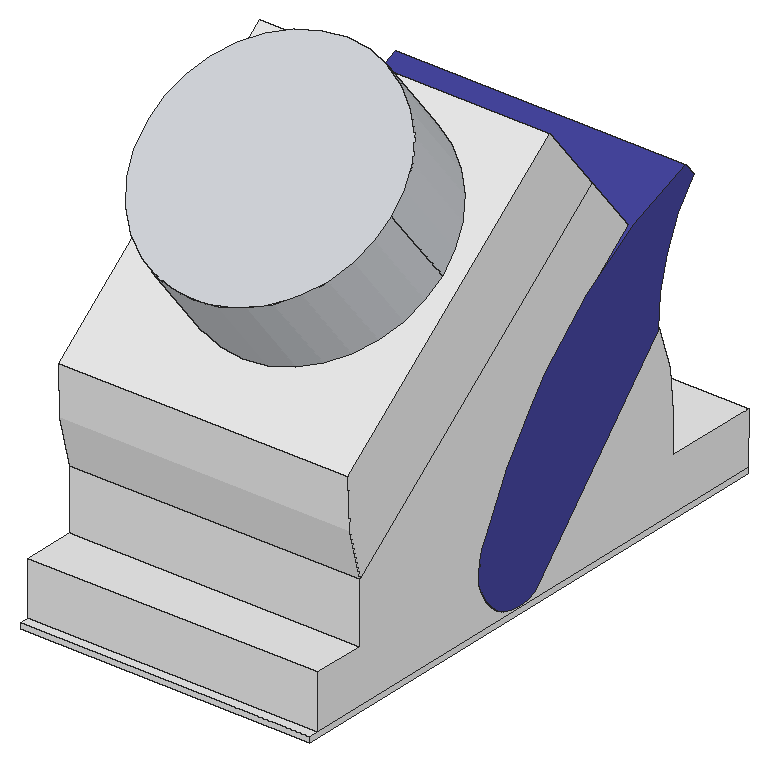
Revit family "Building-ConnessioniIEC309-GEWISS-COMBIBLOC-PRESE-INTERBLOCCATE_IP55_SENZA_FONDO", category Apparecchi elettrici, host Superficie, Revit 2019
Family settings
  Host = Superficie
  Mantenere orientamento annotazione = Sì
  Quota connettore circolare = Usa diametro
  Tipo di parte = Normale
  Taglio con vuoti quando caricato = No
  Condiviso = No
  Punto di calcolo locali = Sì
Parameters (values of type "GW66486 - COMBIBLOC S.F.IP55 3P+N+T 32A 400V 6H")
  visibilita posizionamento 2d [instance] = yes
  simbolo acceso [instance] = yes
  oggetto in pianta [instance] = not(visibilita posizionamento 2d)  # no
  distanza_simbolo [instance] = 1 mm
  distanza dal piano [instance] = 10 mm
  W = 115 mm  # constant formula
  Voltaggio = 0 V
  Versione file RFA = "21.4"
  VETRO = Vetro
  URL = "https://www.gewiss.com/it/it"
  Tipologia = "Compatta"
  Termopressione con biglia = "125 °C"
  Tensione nominale = "380-415V"
  Temperatura di utilizzo = "-25 +40 °C"
  Spostamento_effettivo_S [instance] = 4000 mm - Spostamento_S  # 2500 mm
  Spostamento_S = 1500 mm
  Simbolo circuito [instance] = not(simbolo acceso)  # no
  Scheda Tecnica = "https://www.gewiss.com/it/it/search?q=GW66486"
  STRUTTURA ALTA = blue
  STRUTTURA = RAL - 7035
  SEO = "Presa interbloccata"
  Riferimento h = "6"
  Resistenza agli urti = "IK08"
  Protezione = "NO (SBF)"
  Default Elevation = 1219.2 mm
  Produttore = "GEWISS S.p.A."
  PRESA = Giallo
  POMELLO = bianco
  N.poli = 1
  N. poli = "3P+N+T"
  Modello = "GW66486"
  L = 155 mm  # constant formula
  Immagine tipo = COMBIBLOC55.jpg
  IDT = "73411960965b40fc900c2c175d51bdd6"
  IDF = "d30aeb64-b42c-4c03-8e60-3032abfc95de"
  Grado di protezione = "IP55"
  Glow wire test: = "850 °C (Parti attive) - 650 °C (Parti passive)"
  Frequenza = "50/60 Hz"
  FORMULA = 1000 mm * 1  # 1000 mm
  Descrizione = "COMBIBLOC S.F.IP55 3P+N+T 32A 400V 6H"
  Creato da GEWISS S.p.A. = ""
  Corrente nominale (A) = "32"
  Con fondo = "No"
  Colore: = "Rosso"
  Codice Electrocod = "2221"
  Catalogo = "BUILDING"
  COBie.Tagnumber = ""
  COBie.CreatedOn = ""
  COBie.CreatebBy = ""
  COBie.ComponentRegisterItemID = ""
  COBie.Component.TagNumber = ""
  COBie.Component.Space = ""
  COBie.Component.SerialNumber = ""
  COBie.Component.InstallationDate = ""
  COBie.Component.Description = ""
  COBie.Component.BarCode = ""
  BLOCCO = "B=C"
Types (18, lengths in mm): name | Tensione nominale | Scheda Tecnica | Riferimento h | N. poli | Modello | IDT | Descrizione | Corrente nominale (A) | Colore:
  GW66467 - COMBIBLOC S.F.IP55 2P+T 16A 110V 4H | "100-130V" | "https://www.gewiss.com/it/it/search?q=GW66467" | "4" | "2P+T" | "GW66467" | "91d181816ab74a7887c30577c38b9179" | "COMBIBLOC S.F.IP55 2P+T 16A 110V 4H" | "16" | "Giallo"
  GW66468 - COMBIBLOC S.F.IP55 3P+T 16A 110V 4H | "100-130V" | "https://www.gewiss.com/it/it/search?q=GW66468" | "4" | "3P+T" | "GW66468" | "7b8739076f6d4efb86249ccf2c04780c" | "COMBIBLOC S.F.IP55 3P+T 16A 110V 4H" | "16" | "Giallo"
  GW66469 - COMBIBLOC S.F.IP55 3P+N+T 16A 110V 4H | "100-130V" | "https://www.gewiss.com/it/it/search?q=GW66469" | "4" | "3P+N+T" | "GW66469" | "c21ebcd08dab43c693dbd460db3ea952" | "COMBIBLOC S.F.IP55 3P+N+T 16A 110V 4H" | "16" | "Giallo"
  GW66470 - COMBIBLOC S.F.IP55 2P+T 16A 230V 6H | "200-250V" | "https://www.gewiss.com/it/it/search?q=GW66470" | "6" | "2P+T" | "GW66470" | "24fdb39783c94ad28d8f7dc168f53ffc" | "COMBIBLOC S.F.IP55 2P+T 16A 230V 6H" | "16" | "Blu"
  GW66471 - COMBIBLOC S.F.IP55 3P+T 16A 230V 9H | "200-250V" | "https://www.gewiss.com/it/it/search?q=GW66471" | "9" | "3P+T" | "GW66471" | "9e3ce111bba44df48fc1a78e4a42b186" | "COMBIBLOC S.F.IP55 3P+T 16A 230V 9H" | "16" | "Blu"
  GW66472 - COMBIBLOC S.F.IP55 3P+N+T 16A 230V 9H | "200-250V" | "https://www.gewiss.com/it/it/search?q=GW66472" | "9" | "3P+N+T" | "GW66472" | "db3861c8fb374675a45483f3a3b2b8e7" | "COMBIBLOC S.F.IP55 3P+N+T 16A 230V 9H" | "16" | "Blu"
  GW66473 - COMBIBLOC S.F.IP55 2P+T 16A 400V 9H | "380-415V" | "https://www.gewiss.com/it/it/search?q=GW66473" | "9" | "2P+T" | "GW66473" | "fc58df1474dd4803afbe169fc18a8b52" | "COMBIBLOC S.F.IP55 2P+T 16A 400V 9H" | "16" | "Rosso"
  GW66474 - COMBIBLOC S.F.IP55 3P+T 16A 400V 6H | "380-415V" | "https://www.gewiss.com/it/it/search?q=GW66474" | "6" | "3P+T" | "GW66474" | "d0d2e857ea3f4ca7b477182d116963b9" | "COMBIBLOC S.F.IP55 3P+T 16A 400V 6H" | "16" | "Rosso"
  GW66475 - COMBIBLOC S.F.IP55 3P+N+T 16A 400V 6H | "380-415V" | "https://www.gewiss.com/it/it/search?q=GW66475" | "6" | "3P+N+T" | "GW66475" | "c54c5b25155d4b3e86ada7ff98b13ec5" | "COMBIBLOC S.F.IP55 3P+N+T 16A 400V 6H" | "16" | "Rosso"
  GW66478 - COMBIBLOC S.F.IP55 2P+T 32A 110V 4H | "100-130V" | "https://www.gewiss.com/it/it/search?q=GW66478" | "4" | "2P+T" | "GW66478" | "3db4aa6d410e47109e6fc00bb7aeba2d" | "COMBIBLOC S.F.IP55 2P+T 32A 110V 4H" | "32" | "Giallo"
  GW66479 - COMBIBLOC S.F.IP55 3P+T 32A 110V 4H | "100-130V" | "https://www.gewiss.com/it/it/search?q=GW66479" | "4" | "3P+T" | "GW66479" | "43600b10a11a47d392a8973657df9edd" | "COMBIBLOC S.F.IP55 3P+T 32A 110V 4H" | "32" | "Giallo"
  GW66480 - COMBIBLOC S.F.IP55 3P+N+T 32A 110V 4H | "100-130V" | "https://www.gewiss.com/it/it/search?q=GW66480" | "4" | "3P+N+T" | "GW66480" | "180c6cb086b84315874dbed80ba1a0c5" | "COMBIBLOC S.F.IP55 3P+N+T 32A 110V 4H" | "32" | "Giallo"
  GW66481 - COMBIBLOC S.F.IP55 2P+T 32A 230V 6H | "200-250V" | "https://www.gewiss.com/it/it/search?q=GW66481" | "6" | "2P+T" | "GW66481" | "eeb61ff4bc4749c3800b6f6e9cdd11e0" | "COMBIBLOC S.F.IP55 2P+T 32A 230V 6H" | "32" | "Blu"
  GW66482 - COMBIBLOC S.F.IP55 3P+T 32A 230V 9H | "200-250V" | "https://www.gewiss.com/it/it/search?q=GW66482" | "9" | "3P+T" | "GW66482" | "cd5111c25be0410a834c30ef687af296" | "COMBIBLOC S.F.IP55 3P+T 32A 230V 9H" | "32" | "Blu"
  GW66483 - COMBIBLOC S.F.IP55 3P+N+T 32A 230V 9H | "200-250V" | "https://www.gewiss.com/it/it/search?q=GW66483" | "9" | "3P+N+T" | "GW66483" | "094cdd96d87f43f5bd6c99907a28e8ff" | "COMBIBLOC S.F.IP55 3P+N+T 32A 230V 9H" | "32" | "Blu"
  GW66484 - COMBIBLOC S.F.IP55 2P+T 32A 400V 9H | "380-415V" | "https://www.gewiss.com/it/it/search?q=GW66484" | "9" | "2P+T" | "GW66484" | "0924d88606994c049fc97997cfff4f28" | "COMBIBLOC S.F.IP55 2P+T 32A 400V 9H" | "32" | "Rosso"
  GW66485 - COMBIBLOC S.F.IP55 3P+T 32A 400V 6H | "380-415V" | "https://www.gewiss.com/it/it/search?q=GW66485" | "6" | "3P+T" | "GW66485" | "02603141fa4a41e68fe0ad3598a3cd4f" | "COMBIBLOC S.F.IP55 3P+T 32A 400V 6H" | "32" | "Rosso"
  GW66486 - COMBIBLOC S.F.IP55 3P+N+T 32A 400V 6H | "380-415V" | "https://www.gewiss.com/it/it/search?q=GW66486" | "6" | "3P+N+T" | "GW66486" | "73411960965b40fc900c2c175d51bdd6" | "COMBIBLOC S.F.IP55 3P+N+T 32A 400V 6H" | "32" | "Rosso"
Reference planes
  plane 1 "Centro (Fronte/Retro)": y = 0
  plane 2: z = 0
  plane 3 "Centro (Sinistra/Destra)": x = 0
  plane 4: x = -3000
  plane 5: x = -500
  plane 6: z = 10
Lines and regions (mm)
  symbolic lines, visible <- "visibilita posizionamento 2d"
    curve 1: line (0, 0, 10) -> (0, 0, 115)
    curve 2: line (0, 0, 115) -> (71, 0, 115)
    curve 3: line (71, 0, 115) -> (71, 0, 10)
    curve 4: line (0, 0, 10) -> (71, 0, 10)
  symbolic lines, visible <- "visibilita posizionamento 2d", not visible
    curve 5: line (0, 0, 0) -> (0, 0, 105)
    curve 6: line (0, 0, 105) -> (71, 0, 105)
    curve 7: line (71, 0, 105) -> (71, 0, 0)
    curve 8: line (0, 0, 0) -> (71, 0, 0)
Dimensions and locks
  plane 4 to plane 3 "Centro (Sinistra/Destra)" = 3000 mm
  "Spostamento_effettivo_S": plane 4 to plane 5
  "distanza dal piano": plane 6 to plane 2
  aligned and locked: plane 2 to host face
  aligned and locked: level to host face
  aligned and locked: nested 1 to plane 5
  aligned and locked: curve 4 to plane 6
  aligned and locked: plane 5 to nested 2
  aligned and locked: plane 3 "Centro (Sinistra/Destra)" to nested 3
  aligned and locked: plane 1 "Centro (Fronte/Retro)" to nested 3
  aligned and locked: nested 3 to plane 3 "Centro (Sinistra/Destra)"
Automatic sketch dimensions
  host sketch curve to host sketch curve = 2438.4 mm  (x2)
  curve 1 to curve 3 = 71 mm
  curve 3 to curve 3 = 105 mm
  curve 5 to curve 7 = 71 mm
  curve 7 to curve 7 = 105 mm
Nested families
  nested 1: "PRESAINDPFUS" at (-500, 247.795, 0), SIMBOLO ACCESO <- "simbolo acceso", Distanza dal muro <- "distanza_simbolo", visible <- "simbolo acceso", type "3P"
    with SIMBOLO ACCESO yes, Distanza dal muro 1 mm, BORDO ACCESO yes
  nested 2: "simbolo_circuitoGW66201N" at (-499.076, 249.682, 0), Distanza dal muro <- "distanza_simbolo", visible <- "Simbolo circuito", type "3P"
    with SIMBOLO ACCESO yes, Distanza dal muro 1 mm, BORDO ACCESO yes
  nested 3: "BASE_IB PRESE INTERBLOC COMPATTE NO FONDO IP55" at (0, 69.265, 0), type "BASE_IB PRESE INTERBLOC COMPATTE NO FONDO IP55"
Connectors
  electrical at (35.5, 64.801, 1.375), driven by "N.poli", driven by "Voltaggio"
    settings: on nested 3, index 1, voltage 0 V, apparent load 0 VA, apparent load phase1 0 VA, apparent load phase2 0 VA, apparent load phase3 0 VA, power factor 1, load classification "Altro", number of poles 1, system type 31, power factor state 1, is connector primary yes, connector utility no, sub classification motor no, connector description ""
Definition of nested family "BASE_IB PRESE INTERBLOC COMPATTE NO FONDO IP55"
  Parameters (values of type "BASE_IB PRESE INTERBLOC COMPATTE NO FONDO IP55")
    POTENZA IN WOLT = 0 V
    N_POLI = 1
    CENTRALE = none
  Reference planes
    plane 1 "Centro (Fronte/Retro)": y = 0
    plane 2: z = 0
    plane 3 "Centro (Sinistra/Destra)": x = 0
    plane 4 "EEE": through (4267.2, -291.041, 143.375) normal (0, -0.788, -0.6157)
    plane 5: x = 71
    plane 6: x = 51
    plane 7: x = 48
  Forms (mm)
    Extrusion 1, solid
      sketch origin (0, -203.338, -237.255) x (0, 0, -1) y (0, 1, 0)
        loop
          line (-322.202, 218.222) -> (-266.481, 146.902) -> (-251.685, 146.876) -> (-251.685, 134.073) -> (-238.63, 134.073) -> (-238.63, 266.073) -> (-251.685, 266.073) -> (-251.685, 242.988) -> (-260.817, 242.988)
          arc (-260.817, 242.988) -> (-271.303, 241.907) -> (-281.357, 238.739) r 51.89
          line (-281.357, 238.739) -> (-239.989, 200.756)
          arc (-239.989, 200.756) -> (-243.657, 186.196) -> (-258.66, 185.608) r 12.53
          arc (-258.66, 185.608) -> (-277.82, 196.415) -> (-294.049, 211.266) r 96.883
          arc (-294.049, 211.266) -> (-301.135, 220.206) -> (-308.19, 229.17) r 3334.308
          line (-308.19, 229.17) -> (-322.202, 218.222)
      from 0 to 71
    Extrusion 2, solid
      sketch origin (0, -203.338, -237.255) x (0, 0, -1) y (0, 1, 0)
        loop
          arc (-313.71, 246.882) -> (-293.021, 210.103) -> (-258.66, 185.608) r 96.883
          arc (-258.66, 185.608) -> (-243.657, 186.196) -> (-239.989, 200.756) r 12.53
          line (-239.989, 200.756) -> (-280.857, 238.28)
          arc (-280.857, 238.28) -> (-296.734, 241.043) -> (-310.55, 249.339) r 43.984
          line (-310.55, 249.339) -> (-313.71, 246.882)
      from 0 to 71
    Extrusion 3, solid
      sketch origin (0, -203.338, -237.255) x (0, 0, -1) y (0, 1, 0)
        loop
          line (-322.202, 218.222) -> (-338.825, 205.235) -> (-290.465, 143.337)
          arc (-290.465, 143.337) -> (-278.287, 143.866) -> (-266.482, 146.903) r 58.569
          line (-266.482, 146.903) -> (-322.202, 218.222)
      from 0 to 71
    Extrusion 4, solid
      sketch origin (2.5, -229.189, -179.411) x (0, -0.788011, -0.615661) y (1, 0, 0)
        loop
          circle (-320.903, 33.712) r 30
      from 79.145 to 104.145
    Extrusion 5, solid
      sketch origin (0, 52.766, -37.165) x (0, 0, -1) y (0, 1, 0)
        loop
          line (-38.54, 9.97) -> (-38.54, -124.428) -> (-37.165, -124.428) -> (-37.165, 9.97) -> (-38.54, 9.97)
      from 0 to 71
    Extrusion 6, solid, not visible
      sketch origin (0, 200.09, -256.103) x (0, 1, 0) y (0, 0, 1)
        loop
          line (-322.202, 218.222) -> (-266.481, 146.902) -> (-251.685, 146.876) -> (-251.685, 134.073) -> (-238.63, 134.073) -> (-238.63, 266.073) -> (-251.685, 266.073) -> (-251.685, 242.988) -> (-260.817, 242.988)
          arc (-260.817, 242.988) -> (-271.303, 241.907) -> (-281.357, 238.739) r 51.89
          line (-281.357, 238.739) -> (-239.989, 200.756)
          arc (-239.989, 200.756) -> (-243.657, 186.196) -> (-258.66, 185.608) r 12.53
          arc (-258.66, 185.608) -> (-277.82, 196.415) -> (-294.049, 211.266) r 96.883
          arc (-294.049, 211.266) -> (-301.135, 220.206) -> (-308.19, 229.17) r 3334.308
          line (-308.19, 229.17) -> (-322.202, 218.222)
      from 0 to 71
    Extrusion 7, solid, not visible
      sketch origin (0, 200.09, -256.103) x (0, 1, 0) y (0, 0, 1)
        loop
          arc (-313.71, 246.882) -> (-293.021, 210.103) -> (-258.66, 185.608) r 96.883
          arc (-258.66, 185.608) -> (-243.657, 186.196) -> (-239.989, 200.756) r 12.53
          line (-239.989, 200.756) -> (-280.857, 238.28)
          arc (-280.857, 238.28) -> (-296.734, 241.043) -> (-310.55, 249.339) r 43.984
          line (-310.55, 249.339) -> (-313.71, 246.882)
      from 0 to 71
    Extrusion 8, solid, not visible
      sketch origin (0, 200.09, -256.103) x (0, 1, 0) y (0, 0, 1)
        loop
          line (-322.202, 218.222) -> (-338.825, 205.235) -> (-290.465, 143.337)
          arc (-290.465, 143.337) -> (-278.287, 143.866) -> (-266.482, 146.903) r 58.569
          line (-266.482, 146.903) -> (-322.202, 218.222)
      from 0 to 71
    Extrusion 9, solid, not visible
      sketch origin (2.5, 142.247, -281.955) x (0, 0.615661, -0.788011) y (1, 0, 0)
        loop
          circle (-320.903, 33.712) r 30
      from 79.145 to 104.145
    Extrusion 10, solid, not visible
      sketch origin (0, 0, 0) x (0, 1, 0) y (0, 0, 1)
        loop
          line (-38.54, 9.97) -> (-38.54, -124.428) -> (-37.165, -124.428) -> (-37.165, 9.97) -> (-38.54, 9.97)
      from 0 to 71
  Dimensions and locks
    plane 3 "Centro (Sinistra/Destra)" to plane 5 = 71 mm
    locked: plane 7 to plane 6 at 3
    Extrusion 4 to Extrusion 3 = 25 mm
    aligned and locked: level to plane 2
    aligned and locked: Extrusion 4 to Extrusion 3
    aligned and locked: Extrusion 9 to Extrusion 8
Definition of nested family "PRESAINDPFUS"
  Parameters (values of type "2P")
    SIMBOLO ACCESO [instance] = yes
    SIMBOLO = PRESAINDPFUS_BASE : 2P
    Distanza dal muro [instance] = 0 mm
    BORDO ACCESO [instance] = yes
  Types (2, lengths in mm): name | SIMBOLO
    2P | PRESAINDPFUS_BASE : 2P
    3P | PRESAINDPFUS_BASE : 3P
  Reference planes
    plane 1: y = 0
    plane 2: x = 0
  Dimensions and locks
    "Distanza dal muro": plane 1 to nested 1
    aligned and locked: plane 2 to nested 1
  Nested families
    nested 1: "PRESAINDPFUS_BASE" at (0, 0, 0), type <- "SIMBOLO", CORNICE SIMBOLO <- "BORDO ACCESO", visible <- "SIMBOLO ACCESO", type "2P"
  Definition of nested family "PRESAINDPFUS_BASE"
    Parameters (values of type "3P")
      CORNICE SIMBOLO [instance] = yes
      3P = yes
    Types (2, lengths in mm): name | 3P
      3P | yes
      2P | no
    Reference planes
      plane 1: y = 0
      plane 2: x = 0
    Lines and regions (mm)
      detail lines, visible <- "CORNICE SIMBOLO"
        curve 1: line (-0.9, 2.4, 0) -> (0.9, 2.4, 0)
        curve 2: line (0.9, 2.4, 0) -> (0.9, 0.1, 0)
        curve 3: line (0.9, 0.1, 0) -> (-0.9, 0.1, 0)
        curve 4: line (-0.9, 0.1, 0) -> (-0.9, 2.4, 0)
      detail lines, not visible
        curve 5: line (-2.443, 10.208, 0) -> (2.057, 10.208, 0)
        curve 6: line (2.057, 10.208, 0) -> (2.057, 4.208, 0)
        curve 7: line (2.057, 4.208, 0) -> (-2.443, 4.208, 0)
        curve 8: line (-2.443, 4.208, 0) -> (-2.443, 10.208, 0)
        curve 9: line (-2.043, 9.808, 0) -> (1.657, 9.808, 0)
        curve 10: line (1.657, 9.808, 0) -> (1.657, 4.608, 0)
        curve 11: line (1.657, 4.608, 0) -> (-2.043, 4.608, 0)
        curve 12: line (-2.043, 4.608, 0) -> (-2.043, 9.808, 0)
      detail lines
        curve 13: line (-0.45, 1.069, 0) -> (-0.167, 1.069, 0)
        curve 14: line (-0.167, 1.069, 0) -> (0.33, 1.929, 0)
        curve 15: line (0.33, 1.929, 0) -> (0.836, 1.636, 0)
        curve 16: line (-0.167, 1.069, 0) -> (-0.45, 0.578, 0)
        curve 17: line (-0.45, 0.578, 0) -> (-0.45, 2.341, 0)
        curve 18: line (0.135, 1.591, 0) -> (0.641, 1.299, 0)
        curve 19: line (-0.84, 0.578, 0) -> (-0.06, 0.578, 0)
        curve 20: line (-0.45, 0.952, 0) -> (-0.333, 1.069, 0)
        curve 21: line (-0.45, 0.883, 0) -> (-0.264, 1.069, 0)
        curve 22: line (-0.45, 0.814, 0) -> (-0.195, 1.069, 0)
        curve 23: line (-0.45, 0.745, 0) -> (-0.223, 0.972, 0)
        curve 24: line (-0.45, 0.676, 0) -> (-0.317, 0.809, 0)
        curve 26: arc (-0.84, 0.189, 0) -> (-0.45, 0.578, 0) -> (-0.06, 0.189, 0) r 0.39
        curve 27: line (-0.608, 1.243, 0) -> (-0.608, 2.064, 0)
        curve 28: line (-0.608, 2.064, 0) -> (-0.292, 2.064, 0)
        curve 29: line (-0.292, 2.064, 0) -> (-0.292, 1.243, 0)
        curve 30: line (-0.292, 1.243, 0) -> (-0.608, 1.243, 0)
      detail lines, visible <- "3P"
        curve 25: line (-0.06, 1.254, 0) -> (0.446, 0.961, 0)
Definition of nested family "simbolo_circuitoGW66201N"
  Parameters (values of type "3P")
    SIMBOLO ACCESO [instance] = yes
    SIMBOLO = PRESAINDSTAGNA_BASE : 3P
    Distanza dal muro [instance] = 0 mm
    BORDO ACCESO [instance] = yes
  Reference planes
    plane 1: y = 0
    plane 2: x = 0
  Dimensions and locks
    "Distanza dal muro": plane 1 to nested 1
    aligned and locked: plane 2 to nested 1
  Nested families
    nested 1: "GW66201N-simb_base_di circuito" at (0, 0, 0), visible <- "SIMBOLO ACCESO", type "3P"
      with CORNICE SIMBOLO yes
  Definition of nested family "GW66201N-simb_base_di circuito"
    Parameters (values of type "3P")
      CORNICE SIMBOLO [instance] = yes
      3P = yes
    Types (2, lengths in mm): name | 3P
      3P | yes
      2P | no
    Reference planes
      plane 1: y = 0
      plane 2: x = 0
    Lines and regions (mm)
      detail lines, not visible
        curve 1: line (-2.443, 10.208, 0) -> (2.057, 10.208, 0)
        curve 2: line (2.057, 10.208, 0) -> (2.057, 4.208, 0)
        curve 3: line (2.057, 4.208, 0) -> (-2.443, 4.208, 0)
        curve 4: line (-2.443, 4.208, 0) -> (-2.443, 10.208, 0)
        curve 5: line (-2.043, 9.808, 0) -> (1.657, 9.808, 0)
        curve 6: line (1.657, 9.808, 0) -> (1.657, 4.608, 0)
        curve 7: line (1.657, 4.608, 0) -> (-2.043, 4.608, 0)
        curve 8: line (-2.043, 4.608, 0) -> (-2.043, 9.808, 0)
    Dimensions and locks
      aligned and locked: import instance to plane 2
      aligned and locked: plane 1 to import instance
